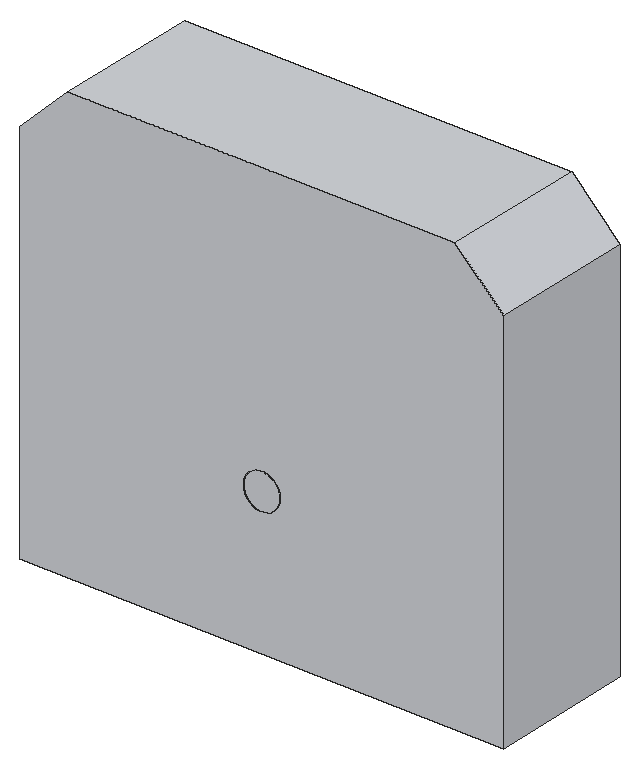
Revit family "Lavatory - Wall Mounted", category Plumbing Fixtures, host Face, Revit 2023
Family settings
  Host = Face
  Round Connector Dimension = Use Radius
  Part Type = Normal
  OmniClass Number = 23.45.05.14.14
  OmniClass Title = Sinks/Lavatories
  Enable Cutting in Views = No
  Cut with Voids When Loaded = No
  Maintain Annotation Orientation = No
  Shared = No
  Room Calculation Point = No
Parameters (values of type "20"x18" - Private")
  Lavatory Width = 1' - 8"
  WFU = 1
  Sink Material = none
  Sanitary Connector Width = Lavatory Width / 2 - 0' 2"  # 0' - 8"
  Sanitary Connector Height = 0' - 1 1/8"
  Lavatory Length = 1' - 6"
  Hot Water Radius = 1/4"
  Hot Water Diameter = Hot Water Radius * 2  # 1/2"
  Half Lavatory Width = Lavatory Width / 2  # 0' - 10"
  HWFU = 0.5
  Flow Pressure [instance] = 8.00 psi
  Faucet Material = none
  Faucet Length = 0' 4" * cos(30.00°)  # 0' - 3.4641"
  Sanitary Radius = 5/8"
  Sanitary Diameter = Sanitary Radius * 2  # 1 1/4"
  Default Elevation = 2' - 10"
  Cross Length 2 = Lavatory Length - 0' 2" - Cross Length 1  # 1' - 3.17157"
  Cross Length 1 = 0' 2" / sin(45.00°) - 0' 2"  # 0' - 0.82843"
  Connector Width 2 = Lavatory Width / 2 + 0' 4"  # 1' - 2"
  Connector Width 1 = Lavatory Width / 2 - 0' 4"  # 0' - 6"
  Connector Height 1 = 0' 1" + 0' 3"  # 0' - 4"
  Cold Water Radius = 1/4"
  Cold Water Diameter = Cold Water Radius * 2  # 1/2"
  CWFU = 0.5
Types (4): name | Lavatory Width | Sanitary Connector Width | Lavatory Length | Half Lavatory Width | HWFU | Cross Length 2 | Connector Width 2 | Connector Width 1 | CWFU
  19"x14" - Public | 1' - 7" | 0' - 7 1/2" | 1' - 2" | 0' - 9 1/2" | 1.5 | 0' - 11.17157" | 1' - 1 1/2" | 0' - 5 1/2" | 1.5
  20"x18" - Private | 1' - 8" | 0' - 8" | 1' - 6" | 0' - 10" | 0.5 | 1' - 3.17157" | 1' - 2" | 0' - 6" | 0.5
  19"x14" - Private | 1' - 7" | 0' - 7 1/2" | 1' - 2" | 0' - 9 1/2" | 0.5 | 0' - 11.17157" | 1' - 1 1/2" | 0' - 5 1/2" | 0.5
  20"x18" - Public | 1' - 8" | 0' - 8" | 1' - 6" | 0' - 10" | 1.5 | 1' - 3.17157" | 1' - 2" | 0' - 6" | 1.5
Reference planes (in)
  plane 1 "Center (Front/Back)": y = 0
  plane 2 "Center (Elevation)": z = 0
  plane 3 "Center (Left/Right)": x = 0
  plane 4 "bottom": y = -6
  plane 5 "Front": z = 18
  plane 6 "Left": x = -10
  plane 7 "Right": x = 10
  plane 8: x = 8
  plane 9: z = 16
  plane 10: x = -8
  plane 11 "Inner Bottom": y = -5
  plane 12: z = 4.5
  plane 13: x = -7.17157
  plane 14: x = 7.17157
  plane 15: x = 3
  plane 16: x = -3
  plane 17: x = 2
  plane 18: x = -2
  plane 19: z = 6
  plane 20: z = 1.125
  plane 21 "Faucet Bottom": z = 3.125
  plane 22 "faucet": z = 2.125
  plane 23: y = 1
  plane 24: y = 2.5
  plane 25: z = 15.17157
  plane 26 "Faucet Front": z = 6.5891
  plane 27 "Faucet Front 2": y = 2
  plane 28: y = 2.5
  plane 29 "LIS": y = 1.5
  plane 30: x = -0.5
  plane 31: x = 0.5
  plane 32: y = -3
Forms (in)
  Extrusion 1, solid, material <- "Sink Material"
    sketch origin (0, 0, 0) x (1, 0, 0) y (0, 0, 1)
      loop
        line (-8, 18) -> (-10, 16) -> (-10, 0) -> (10, 0) -> (10, 16) -> (8, 18) -> (-8, 18)
    from 0 to 6
  Extrusion 2, void
    sketch origin (0, 0, 0) x (1, 0, 0) y (0, 0, 1)
      loop
        circle (0, 6) r 0.75
    from 5 to 6
  Extrusion 3, solid, material <- "Faucet Material", detail levels fine
    sketch origin (0, 0, 0) x (1, 0, 0) y (0, 0, 1)
      loop
        line (3, 3.125) -> (-3, 3.125) -> (-3, 1.125) -> (3, 1.125) -> (3, 3.125)
    from -1 to 0
  Extrusion 4, solid, material <- "Faucet Material", detail levels fine
    sketch origin (0, 0, 0) x (1, 0, 0) y (0, 0, 1)
      loop
        circle (2, 2.125) r 0.75
    from -2.5 to -1
  Extrusion 5, void
    sketch origin (0, 0, 0) x (1, 0, 0) y (0, 0, 1)
      loop
        line (-7.17157, 16) -> (-8, 15.17157) -> (-8, 4.5) -> (8, 4.5) -> (8, 15.17157) -> (7.17157, 16) -> (-7.17157, 16)
    from 0 to 5
  Blend 6, solid, material <- "Faucet Material", detail levels fine
    base sketch origin (0, 0, 3.125) x (1, 0, 0) y (0, 1, 0)
      loop
        line (-0.5, 1) -> (-0.5, 0) -> (0.5, 0) -> (0.5, 1) -> (-0.5, 1)
    top sketch origin (0, 0, 6.5891) x (0, 1, 0) y (-1, 0, 0)
      loop
        line (2.5, 0.5) -> (1.5, 0.5) -> (1.5, -0.5) -> (2.5, -0.5) -> (2.5, 0.5)
    from 0 to 0
  Extrusion 7, solid, material <- "Faucet Material", detail levels fine
    sketch origin (0, 0, 0) x (1, 0, 0) y (0, 0, 1)
      loop
        circle (-2, 2.125) r 0.75
    from -2.5 to -1
  Extrusion 8, solid, material <- "Sink Material"
    sketch origin (0, 0, 0) x (1, 0, 0) y (0, 0, 1)
      loop
        circle (0, 6) r 0.75
    from 5 to 6
Cuts and joins
  Extrusion 2, Extrusion 5 cuts Extrusion 1
Dimensions and locks (in)
  equal spacing: plane 7 "Right", plane 3 "Center (Left/Right)", plane 6 "Left"
  "Half Lavatory Width": plane 3 "Center (Left/Right)" to plane 6 "Left"
  "Lavatory Length": plane 5 "Front" to plane 2 "Center (Elevation)"
  locked: plane 10 to plane 6 "Left" at 2
  locked: plane 7 "Right" to plane 8 at 2
  locked: plane 5 "Front" to plane 9 at 2
  locked: plane 1 "Center (Front/Back)" to plane 4 "bottom" at 6
  locked: plane 1 "Center (Front/Back)" to plane 11 "Inner Bottom" at 5
  locked: plane 12 to host face at 4.5
  "Cross Length 1": plane 13 to plane 10
  "Cross Length 1": plane 14 to plane 8
  equal spacing: plane 16, plane 3 "Center (Left/Right)", plane 15
  locked: plane 3 "Center (Left/Right)" to plane 15 at 3
  equal spacing: plane 18, plane 3 "Center (Left/Right)", plane 17
  locked: plane 3 "Center (Left/Right)" to plane 17 at 2
  locked: plane 12 to plane 19 at 1.5
  equal spacing: plane 20, plane 22 "faucet", plane 21 "Faucet Bottom"
  locked: plane 20 to plane 22 "faucet" at 1
  locked: plane 23 to plane 1 "Center (Front/Back)" at 1
  locked: plane 24 to plane 23 at 1.5
  locked: plane 2 "Center (Elevation)" to plane 22 "faucet" at 2.125
  "Cross Length 2": plane 25 to plane 2 "Center (Elevation)"
  "Faucet Length": plane 26 "Faucet Front" to plane 21 "Faucet Bottom"
  locked: plane 27 "Faucet Front 2" to plane 1 "Center (Front/Back)" at 2
  plane 28 to plane 27 "Faucet Front 2" = 0' - 0 1/2"
  plane 27 "Faucet Front 2" to plane 29 "LIS" = 0' - 0 1/2"
  equal spacing: plane 30, plane 3 "Center (Left/Right)", plane 31
  plane 30 to plane 3 "Center (Left/Right)" = 0' - 0 1/2"
  equal spacing: plane 4 "bottom", plane 32, plane 1 "Center (Front/Back)"
  "Connector Width 1": connector elem to plane 7 "Right"
  "Connector Height 1": connector elem to plane 23  (x2)
  "Connector Width 2": connector elem to plane 7 "Right"
  radius of Extrusion 2 sketch curve = 0' - 0 3/4"
  radius of Extrusion 8 sketch curve = 0' - 0 3/4"
  aligned and locked: plane 2 "Center (Elevation)" to host face
  aligned and locked: level to host face
  aligned and locked: plane 5 "Front" to Extrusion 1 sketch curve
  aligned and locked: plane 10 to Extrusion 1 sketch curve
  aligned and locked: plane 8 to Extrusion 1 sketch curve
  aligned and locked: plane 7 "Right" to Extrusion 1 sketch curve
  aligned and locked: plane 9 to Extrusion 1 sketch curve  (x2)
  aligned and locked: plane 2 "Center (Elevation)" to Extrusion 1 sketch curve  (x2)
  aligned and locked: Extrusion 1 sketch curve to plane 6 "Left"
  aligned and locked: Extrusion 1 to plane 1 "Center (Front/Back)"
  aligned and locked: Extrusion 1 to plane 4 "bottom"
  aligned and locked: Extrusion 2 to plane 4 "bottom"
  aligned and locked: Extrusion 2 to plane 11 "Inner Bottom"
  aligned and locked: plane 3 "Center (Left/Right)" to Extrusion 2 sketch curve
  aligned and locked: plane 19 to Extrusion 2 sketch curve
  aligned and locked: Extrusion 3 sketch curve to plane 21 "Faucet Bottom"
  aligned and locked: Extrusion 3 sketch curve to plane 16
  aligned and locked: plane 20 to Extrusion 3 sketch curve
  aligned and locked: plane 15 to Extrusion 3 sketch curve
  aligned and locked: plane 1 "Center (Front/Back)" to Extrusion 3
  aligned and locked: Extrusion 4 to plane 24
  aligned and locked: Extrusion 4 to Extrusion 3
  aligned and locked: Extrusion 5 to plane 1 "Center (Front/Back)"
  aligned and locked: plane 11 "Inner Bottom" to Extrusion 5
  aligned and locked: plane 9 to Extrusion 5
  aligned and locked: Extrusion 5 to plane 12
  aligned and locked: Extrusion 5 sketch curve to plane 9
  aligned and locked: plane 10 to Extrusion 5 sketch curve  (x2)
  aligned and locked: plane 9 to Extrusion 5 sketch curve
  aligned and locked: plane 14 to Extrusion 5 sketch curve
  aligned and locked: plane 25 to Extrusion 5 sketch curve  (x2)
  aligned and locked: plane 8 to Extrusion 5 sketch curve  (x2)
  aligned and locked: plane 12 to Extrusion 5 sketch curve  (x2)
  aligned and locked: plane 13 to Extrusion 5 sketch curve
  aligned and locked: plane 30 to Blend 6 sketch curve  (x2)
  aligned and locked: plane 23 to Blend 6 sketch curve
  aligned and locked: plane 1 "Center (Front/Back)" to Blend 6 sketch curve
  aligned and locked: Blend 6 sketch curve to plane 31  (x2)
  aligned and locked: plane 24 to Blend 6 sketch curve
  aligned and locked: plane 29 "LIS" to Blend 6 sketch curve
  aligned and locked: plane 9 to cut or joined group of Extrusion 1, Extrusion 2, Extrusion 5
  aligned and locked: cut or joined group of Extrusion 1, Extrusion 2, Extrusion 5 to plane 10
  aligned and locked: cut or joined group of Extrusion 1, Extrusion 2, Extrusion 5 to plane 12
  aligned and locked: plane 8 to cut or joined group of Extrusion 1, Extrusion 2, Extrusion 5
  aligned and locked: plane 5 "Front" to cut or joined group of Extrusion 1, Extrusion 2, Extrusion 5
  aligned and locked: plane 7 "Right" to cut or joined group of Extrusion 1, Extrusion 2, Extrusion 5
  aligned and locked: plane 21 "Faucet Bottom" to Extrusion 3
  aligned and locked: plane 18 to Extrusion 7 sketch curve
  aligned and locked: plane 22 "faucet" to Extrusion 7 sketch curve
  aligned and locked: Extrusion 7 to Extrusion 4
  aligned and locked: Extrusion 7 to Extrusion 3
  aligned and locked: plane 3 "Center (Left/Right)" to Extrusion 8 sketch curve
  aligned and locked: plane 19 to Extrusion 8 sketch curve
  aligned and locked: Extrusion 8 to plane 4 "bottom"
  aligned and locked: Extrusion 8 to plane 11 "Inner Bottom"
Automatic sketch dimensions
  Extrusion 4 sketch curve to plane 17 = 0' - 0"
  Extrusion 4 sketch curve to plane 22 "faucet" = 0' - 0"
  host sketch curve to host sketch curve = 4' - 8.40158"
  host sketch curve to host sketch curve = 7' - 2"
  radius of Extrusion 4 sketch curve = 0' - 0 3/4"
  radius of Extrusion 7 sketch curve = 0' - 0 3/4"
Connectors (in)
  piping at (4, -3, 0), diameter 0.5, driven by "Cold Water Radius", driven by "CWFU", driven by "Flow Pressure"
    settings: on plane 2 "Center (Elevation)", index 1, connector inside diameter 1/2", connector length 0' - 0", flow factor 0, pipe flow 0 GPM, pressure drop 8.00 psi, fitting loss kfactor 0, connector angle 0.00°, fixture units 0.5, engagement length 0' - 0", angle of deflection 0.00°, flow configuration 3, flow direction 1, fitting loss method 4, system type 20, joint type 0, gender type 0, connector reference index -1, connector utility 0, adjustable connector no, is connector primary yes, connector description "In"
  piping at (-4, -3, 0), diameter 0.5, driven by "Hot Water Radius", driven by "HWFU", driven by "Flow Pressure"
    settings: on plane 2 "Center (Elevation)", index 2, connector inside diameter 1/2", connector length 0' - 0", flow factor 0, pipe flow 0 GPM, pressure drop 8.00 psi, fitting loss kfactor 0, connector angle 0.00°, fixture units 0.5, engagement length 0' - 0", angle of deflection 0.00°, flow configuration 3, flow direction 1, fitting loss method 4, system type 19, joint type 0, gender type 0, connector reference index -1, connector utility 0, adjustable connector no, is connector primary no, connector description "In"
  piping at (0, -6, 6), diameter 1.25, driven by "Sanitary Radius", driven by "WFU"
    settings: on cut or joined group of Extrusion 1, Extrusion 2, Extrusion 5, index 3, connector inside diameter 1 1/4", connector length 0' - 0", flow factor 0, pipe flow 0 GPM, pressure drop 0.00 psi, fitting loss kfactor 0, connector angle 0.00°, fixture units 1, engagement length 0' - 0", angle of deflection 0.00°, flow configuration 3, flow direction 2, fitting loss method 0, system type 16, joint type 0, gender type 0, connector reference index -1, connector utility 0, adjustable connector no, is connector primary no, connector description "Out"
